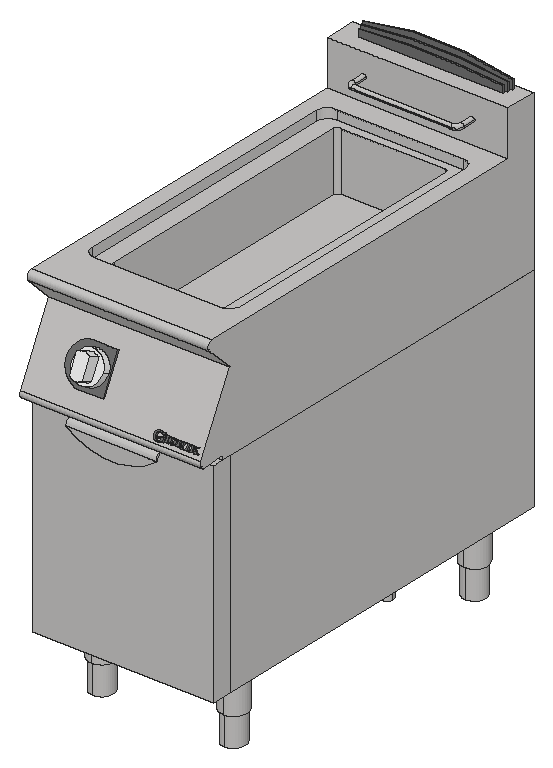
Revit family "QF_GIORIK_FG9117MT", category Specialty Equipment, Revit 2014
Parameters (values of type "FG9117MT")
  Weight in Pounds = 171.9604
  Watts = 100 W
  Volts = 230 V
  URL Cutsheet = "www.giorik.com"
  URL = "www.giorik.com"
  Status [instance] = ""
  Specification by User [instance] = ""
  Specification by Manufacturer = ""
  Show Logo [instance] = yes
  Show Clearance [instance] = yes
  Serial Number = ""
  Seismic Rating = ""
  SMACNA No = ""
  Revision Code [instance] = ""
  Phase = 1
  Number of Poles [instance] = 1
  NAFEM Spec ID Number = ""
  Model = "FG9117MT"
  Min Ckt Ampacity = 0 A
  Mechanical Remarks [instance] = "Natural Gas"
  Mechanical Connection Type [instance] = ""
  Max Overcurrent Protection = 0 A
  Masterspec = ""
  Manufacturer = "GIORIK"
  Item Number [instance] = ""
  Installed By [instance] = ""
  Identify Quantity as Lot [instance] = no
  HP = "0.134102000000"
  Gas Size = 1"
  Gas RI Height [instance] = 0 mm
  Gas KW = 16.5
  Gas Input = 16500 W
  Gas Connection Height [instance] = 150 mm
  Furnished By [instance] = ""
  Foodservice Equipment Identifier [instance] = yes
  FL Amps = 0 A
  Electrical Remarks [instance] = ""
  Electric Connection Type [instance] = ""
  Elec Conn RI Height [instance] = 0 mm
  Elec Conn Connection Height [instance] = 150 mm
  Description = "17 LITRE MELTING GAS FRYER."
  Cycle = 50 Hz
  Conn Plug = ""
  Conn Conduit [instance] = no
  CSI MasterFormat = ""
  Assembly Code = "E1090320"
  Apparent Power = 100 VA
Reference planes
  plane 1 "Back": y = 0
  plane 2: z = 0
  plane 3 "Left": x = 0
  plane 4 "Right": x = 400
  plane 5 "Front": y = -920
  plane 6 "Top": z = 900
Forms (mm)
  Extrusion 1, solid, visible <- "Show Logo"
    sketch origin (196.604, -935.76, 608.978) x (-1, 0, 0) y (0, 0.452718, 0.891654)
      loop
        line (-118.824, 58.358) -> (-127.804, 58.358) -> (-125.523, 56.445) -> (-125.523, 48.027) -> (-127.804, 46.113) -> (-118.824, 46.113) -> (-121.105, 48.027) -> (-121.105, 56.445) -> (-118.824, 58.358)
      loop
        line (-163.721, 58.358) -> (-172.7, 58.358) -> (-170.42, 56.445) -> (-170.42, 48.027) -> (-172.7, 46.113) -> (-163.721, 46.113) -> (-166.001, 48.027) -> (-166.001, 56.445) -> (-163.721, 58.358)
      loop
        line (-174.332, 58.358) -> (-183.312, 58.358) -> (-181.031, 56.445) -> (-181.031, 52.435) -> (-186.419, 56.955) -> (-184.416, 58.358) -> (-191.268, 58.358) -> (-188.01, 56.839) -> (-185.455, 54.283) -> (-190.846, 47.858) -> (-193.396, 46.93) -> (-193.396, 46.113) -> (-184.416, 46.113) -> (-185.437, 47.571) -> (-182.443, 51.552) -> (-181.031, 50.894) -> (-181.031, 48.027) -> (-183.312, 46.113) -> (-174.332, 46.113) -> (-176.613, 48.027) -> (-176.613, 56.445) -> (-174.332, 58.358)
      loop
        line (-115.429, 62.063) -> (-115.429, 54.198)
        arc (-115.429, 54.198) -> (-111.618, 57.803) -> (-106.847, 59.986) r 16.039
        arc (-106.847, 59.986) -> (-103.314, 59.837) -> (-100.512, 57.68) r 5.851
        arc (-100.512, 57.68) -> (-98.815, 52.267) -> (-100.512, 46.853) r 9.479
        arc (-100.512, 46.853) -> (-102.406, 44.986) -> (-104.846, 43.93) r 7.236
        arc (-104.846, 43.93) -> (-107.728, 44.111) -> (-110.052, 45.825) r 5.11
        line (-110.052, 45.825) -> (-110.052, 52.001) -> (-116.141, 52.001) -> (-116.141, 45.503) -> (-117.893, 43.751) -> (-114.094, 44.769)
        arc (-114.094, 44.769) -> (-112.56, 44.947) -> (-111.129, 44.366) r 3.115
        arc (-111.129, 44.366) -> (-104.216, 42.091) -> (-97.303, 44.366) r 11.641
        arc (-97.303, 44.366) -> (-93.396, 52.107) -> (-97.303, 59.849) r 9.622
        arc (-97.303, 59.849) -> (-104.369, 62.174) -> (-111.435, 59.849) r 11.898
        line (-111.435, 59.849) -> (-115.429, 62.063)
      loop
        arc (-129.234, 56.068) -> (-135.893, 58.628) -> (-142.552, 56.068) r 9.941
        arc (-142.552, 56.068) -> (-144.234, 52.286) -> (-142.552, 48.505) r 5.093
        arc (-142.552, 48.505) -> (-135.893, 45.945) -> (-129.234, 48.505) r 9.941
        arc (-129.234, 48.505) -> (-127.552, 52.286) -> (-129.234, 56.068) r 5.093
      loop
        arc (-132.628, 54.403) -> (-135.893, 57.668) -> (-139.158, 54.403) r 3.265
        line (-139.158, 54.403) -> (-139.158, 50.169)
        arc (-139.158, 50.169) -> (-135.893, 46.904) -> (-132.628, 50.169) r 3.265
        line (-132.628, 50.169) -> (-132.628, 54.403)
      loop
        arc (-156.363, 58.365) -> (-159.647, 55.081) -> (-156.363, 51.796) r 3.285
        line (-156.363, 51.796) -> (-159.529, 47.306) -> (-162.087, 46.113) -> (-155.847, 46.113) -> (-153.529, 51.083) -> (-150.637, 51.083) -> (-150.637, 47.784) -> (-153.022, 46.113) -> (-144.011, 46.113) -> (-146.094, 47.68) -> (-146.094, 56.493) -> (-144.229, 58.365) -> (-156.363, 58.365)
      loop
        line (-150.637, 57.512) -> (-153.637, 57.512)
        arc (-153.637, 57.512) -> (-156.237, 54.912) -> (-153.637, 52.312) r 2.6
        line (-153.637, 52.312) -> (-150.637, 52.312) -> (-150.637, 57.512)
      loop
        line (-108.924, 52.001) -> (-104.936, 49.005) -> (-100.948, 52.001) -> (-108.924, 52.001)
    from 1.5 to -0.5
  Extrusion 2, solid
    sketch origin (-16, 1025.81, 0) x (1, 0, 0) y (0, 1, 0)
      loop
        line (25, -1086.81) -> (25, -1156.81) -> (115, -1156.81) -> (115, -1086.81) -> (25, -1086.81)
    from 148 to 150
  Extrusion 3, solid
    sketch origin (-14, 0, 130) x (1, 0, 0) y (0, 1, 0)
      loop
        circle (54, -385) r 12.5
    from 0 to 20
  Extrusion 4, solid
    sketch origin (0, 800, -20) x (0, 1, 0) y (0, 0, 1)
      loop
        line (-800, 989.988) -> (-870, 989.988) -> (-870, 889.988) -> (-1688.669, 889.988)
        arc (-1688.669, 889.988) -> (-1699.014, 883.075) -> (-1696.586, 870.873) r 11.197
        line (-1696.586, 870.873) -> (-1640.738, 815.025) -> (-1718.81, 661.258)
        arc (-1718.81, 661.258) -> (-1718.095, 650.105) -> (-1707.98, 645.354) r 10.981
        line (-1707.98, 645.354) -> (-1659.862, 649.925) -> (-1659.862, 640) -> (-800, 640) -> (-800, 989.988)
    from 0 to 400
  Extrusion 5, solid
    sketch origin (0, -200, 599.536) x (1, 0, 0) y (0, 1, 0)
      loop
        line (0, -640) -> (40, -640) -> (40, 160) -> (360, 160) -> (360, -640) -> (400, -640) -> (400, 200) -> (0, 200) -> (0, -640)
    from -449.536 to 20.464
  Extrusion 6, solid
    sketch origin (0, -200, 0) x (1, 0, 0) y (0, 1, 0)
      loop
        line (40, 160) -> (40, -640) -> (360, -640) -> (360, 160) -> (40, 160)
    from 150 to 190
  Extrusion 7, solid
    sketch origin (-16, 360.81, 0) x (1, 0, 0) y (0, 1, 0)
      loop
        line (25, -1086.81) -> (25, -1156.81) -> (115, -1156.81) -> (115, -1086.81) -> (25, -1086.81)
    from 148 to 150
  Revolve 8, solid
    sketch origin (54, 360.81, 0) x (0, 1, 0) y (0, 0, 1)
      loop
        line (-1092.56, 66) -> (-1092.56, 148) -> (-1121.81, 148) -> (-1121.81, 0) -> (-1096.81, 0) -> (-1096.81, 66) -> (-1092.56, 66)
      axis (-1121.81, 0) -> (-1121.81, 148)
    angle from 0 to 360
  Revolve 9, solid
    sketch origin (54, 1025.81, 0) x (0, 1, 0) y (0, 0, 1)
      loop
        line (-1092.56, 66) -> (-1092.56, 148) -> (-1121.81, 148) -> (-1121.81, 0) -> (-1096.81, 0) -> (-1096.81, 66) -> (-1092.56, 66)
      axis (-1121.81, 0) -> (-1121.81, 148)
    angle from 0 to 360
  Extrusion 10, solid
    sketch origin (416, 360.81, 0) x (-1, 0, 0) y (0, -1, 0)
      loop
        line (25, 1086.81) -> (115, 1086.81) -> (115, 1156.81) -> (25, 1156.81) -> (25, 1086.81)
    from 148 to 150
  Revolve 11, solid
    sketch origin (346, 360.81, 0) x (0, 1, 0) y (0, 0, -1)
      loop
        line (-1092.56, -66) -> (-1096.81, -66) -> (-1096.81, 0) -> (-1121.81, 0) -> (-1121.81, -148) -> (-1092.56, -148) -> (-1092.56, -66)
      axis (-1121.81, 0) -> (-1121.81, -148)
    angle from 0 to 360
  Extrusion 12, solid
    sketch origin (416, -1217.81, 0) x (-1, 0, 0) y (0, -1, 0)
      loop
        line (25, -1086.81) -> (25, -1156.81) -> (115, -1156.81) -> (115, -1086.81) -> (25, -1086.81)
    from 148 to 150
  Revolve 13, solid
    sketch origin (346, -1217.81, 0) x (0, -1, 0) y (0, 0, 1)
      loop
        line (-1092.56, 66) -> (-1092.56, 148) -> (-1121.81, 148) -> (-1121.81, 0) -> (-1096.81, 0) -> (-1096.81, 66) -> (-1092.56, 66)
      axis (-1121.81, 0) -> (-1121.81, 148)
    angle from 0 to 360
  Extrusion 14, solid
    sketch origin (-293.221, -1163.345, 52.363) x (1, 0, 0) y (0, 0.452718, 0.891654)
      loop
        line (463.221, 676.25) -> (463.221, 766.25) -> (409.698, 766.25)
        arc (409.698, 766.25) -> (364.698, 721.25) -> (409.698, 676.25) r 45
        line (409.698, 676.25) -> (463.221, 676.25)
    from 48 to 50
  Extrusion 15, solid
    sketch origin (481.331, -1208.697, 74.959) x (-1, 0, 0) y (0, -0.45351, -0.891251)
      loop
        circle (351.331, -721.346) r 35
    from 0 to 15
  Extrusion 16, solid
    sketch origin (481.331, -1208.697, 74.959) x (-1, 0, 0) y (0, -0.45351, -0.891251)
      loop
        arc (336.331, -743.846) -> (351.331, -748.846) -> (366.331, -743.846) r 25
        line (366.331, -743.846) -> (366.331, -698.846)
        arc (366.331, -698.846) -> (351.331, -693.846) -> (336.331, -698.846) r 25
        line (336.331, -698.846) -> (336.331, -743.846)
    from 15 to 40
  Extrusion 17, solid
    sketch origin (-94, 0, 59.999) x (1, 0, 0) y (0, 0, 1)
      loop
        line (135, 909.989) -> (453, 909.989) -> (453, 925.527) -> (347.056, 931.749) -> (240.944, 931.749) -> (135, 925.527) -> (135, 909.989)
    from 32 to 35
  Extrusion 18, solid
    sketch origin (-92, 10, 59.999) x (1, 0, 0) y (0, 0, 1)
      loop
        line (454, 909.989) -> (454, 928.527) -> (346.162, 939.193) -> (237.838, 939.193) -> (130, 928.527) -> (130, 909.989) -> (454, 909.989)
    from 32 to 35
  Extrusion 19, solid
    sketch origin (-90, 20, 59.999) x (1, 0, 0) y (0, 0, 1)
      loop
        line (455, 909.989) -> (455, 930.527) -> (345.396, 947.413) -> (234.604, 947.413) -> (125, 930.527) -> (125, 909.989) -> (455, 909.989)
    from 32 to 35
  Extrusion 20, void
    sketch origin (0, -200, 819.988) x (0, 1, 0) y (-1, 0, 0)
      loop
        arc (80, -60) -> (72.678, -42.322) -> (55, -35) r 25
        line (55, -35) -> (-565.002, -35)
        arc (-565.002, -35) -> (-582.68, -42.322) -> (-590.002, -60) r 25
        line (-590.002, -60) -> (-590.002, -340)
        arc (-590.002, -340) -> (-582.68, -357.678) -> (-565.002, -365) r 25
        line (-565.002, -365) -> (55, -365)
        arc (55, -365) -> (72.678, -357.678) -> (80, -340) r 25
        line (80, -340) -> (80, -60)
    from -100 to 50
  Extrusion 21, solid
    sketch origin (0, -200, 900) x (0, 1, 0) y (-1, 0, 0)
      loop
        arc (80, -60) -> (72.678, -42.322) -> (55, -35) r 25
        line (55, -35) -> (-565.002, -35)
        arc (-565.002, -35) -> (-582.68, -42.322) -> (-590.002, -60) r 25
        line (-590.002, -60) -> (-590.002, -340)
        arc (-590.002, -340) -> (-582.68, -357.678) -> (-565.002, -365) r 25
        line (-565.002, -365) -> (55, -365)
        arc (55, -365) -> (72.678, -357.678) -> (80, -340) r 25
        line (80, -340) -> (80, -60)
      loop
        arc (60, -85.011) -> (57.071, -77.94) -> (50, -75.011) r 10
        line (50, -75.011) -> (-555.002, -75.011)
        arc (-555.002, -75.011) -> (-562.073, -77.94) -> (-565.002, -85.011) r 10
        line (-565.002, -85.011) -> (-565.002, -315)
        arc (-565.002, -315) -> (-562.073, -322.071) -> (-555.002, -325) r 10
        line (-555.002, -325) -> (50, -325)
        arc (50, -325) -> (57.071, -322.071) -> (60, -315) r 10
        line (60, -315) -> (60, -85.011)
    from -180.012 to -50
  Extrusion 22, solid
    sketch origin (0, -925, 0) x (1, 0, 0) y (0, 0, 1)
      loop
        line (0, 620) -> (0, 150) -> (400, 150) -> (400, 620) -> (0, 620)
    from -85 to -40
  Extrusion 23, solid
    sketch origin (0, -925, -20.1) x (0, 1, 0) y (0, 0, 1)
      loop
        arc (25, 640.1) -> (14.393, 635.707) -> (10, 625.1) r 15
        line (10, 625.1) -> (12, 625.1)
        arc (12, 625.1) -> (15.808, 634.292) -> (25, 638.1) r 13
        line (25, 638.1) -> (40, 638.1) -> (40, 640.1) -> (25, 640.1)
    from 97.5 to 297.5
  Extrusion 24, solid
    sketch origin (0, -924.905, -20.1) x (1, 0, 0) y (0, 0, 1)
      loop
        arc (97.5, 625.1) -> (197.5, 590.089) -> (297.5, 625.1) r 160.316
        line (297.5, 625.1) -> (97.5, 625.1)
    from -11.905 to -9.905
  Extrusion 25, solid, visible <- "Show Clearance", detail levels coarse
    sketch origin (395, -925, 0) x (-1, 0, 0) y (0, -1, 0)
      loop
        line (-5, -40) -> (395, -40)
        arc (395, -40) -> (277.534, 241.069) -> (-5, 354.968) r 395
        line (-5, 354.968) -> (-5, -40)
    from 150 to 620
  Extrusion 26, solid
    sketch origin (0, 0, 100) x (0, 1, 0) y (-1, 0, 0)
      loop
        circle (-380, -380) r 12.5
    from 30 to 50
  Sweep 27, solid
    path origin (0, 0, 919.988) x (0, 1, 0) y (-1, 0, 0)
      loop
        line (-70, -80) -> (-100, -80)
        arc (-100, -80) -> (-107.071, -82.929) -> (-110, -90) r 10
        line (-110, -90) -> (-110, -310)
        arc (-110, -310) -> (-107.071, -317.071) -> (-100, -320) r 10
        line (-100, -320) -> (-70, -320)
    profile origin (80, -85, 919.988) x (1, 0, 0) y (0, 0, 1)
      loop
        circle (0, 0) r 5
Cuts and joins
  Extrusion 20 cuts Extrusion 4
Lines and regions (mm)
  symbolic lines, style "200-EquipBorder-2D"
    curve 1: line (0, -920, 0) -> (400, -920, 0)
    curve 2: line (400, -920, 0) -> (400, 0, 0)
    curve 3: line (400, 0, 0) -> (0, 0, 0)
    curve 4: line (0, 0, 0) -> (0, -920, 0)
    curve 46: line (115, -927.413, 900) -> (115, -920, 900)
    curve 47: line (145, -927.413, 900) -> (145, -920, 900)
    curve 48: arc (145, -927.413, 900) -> (130, -929.69, 900) -> (115, -927.413, 900) r 50.555
  symbolic lines, style "200-EquipInternal-2D"
    curve 5: line (35, -12, 900) -> (365, -12, 900)
    curve 6: line (365, -12, 900) -> (365, -15, 900)
    curve 7: line (365, -15, 900) -> (35, -15, 900)
    curve 8: line (35, -15, 900) -> (35, -12, 900)
    curve 9: line (38, -22, 900) -> (362, -22, 900)
    curve 10: line (362, -22, 900) -> (362, -25, 900)
    curve 11: line (362, -25, 900) -> (38, -25, 900)
    curve 12: line (38, -25, 900) -> (38, -22, 900)
    curve 13: line (41, -32, 900) -> (359, -32, 900)
    curve 14: line (359, -32, 900) -> (359, -35, 900)
    curve 15: line (359, -35, 900) -> (41, -35, 900)
    curve 16: line (41, -35, 900) -> (41, -32, 900)
    curve 17: line (340, -120, 900) -> (60, -120, 900)
    curve 18: arc (60, -120, 900) -> (42.322, -127.322, 900) -> (35, -145, 900) r 25
    curve 19: line (35, -145, 900) -> (35, -765, 900)
    curve 20: arc (365, -145, 900) -> (357.678, -127.322, 900) -> (340, -120, 900) r 25
    curve 21: arc (340, -790, 900) -> (356.212, -784.031, 900) -> (364.682, -768.975, 900) r 25
    curve 22: line (60, -790, 900) -> (340, -790, 900)
    curve 23: arc (35, -765, 900) -> (42.322, -782.678, 900) -> (60, -790, 900) r 25
    curve 24: line (365, -765.002, 900) -> (365, -145, 900)
    curve 27: line (85, -140, 900) -> (315, -140, 900)
    curve 28: line (325, -150, 900) -> (325, -755.002, 900)
    curve 29: line (75, -755.002, 900) -> (75, -150, 900)
    curve 30: line (315, -765.002, 900) -> (85, -765.002, 900)
    curve 31: arc (85, -140, 900) -> (77.929, -142.929, 900) -> (75, -150, 900) r 10
    curve 32: arc (315, -140, 900) -> (322.071, -142.929, 900) -> (325, -150, 900) r 10
    curve 33: arc (75, -755.002, 900) -> (77.929, -762.073, 900) -> (85, -765.002, 900) r 10
    curve 34: arc (315, -765.002, 900) -> (322.071, -762.073, 900) -> (325, -755.002, 900) r 10
    curve 35: line (80, -70, 900) -> (80, -99.667, 900)
    curve 36: line (90, -100, 900) -> (90, -70, 900)
    curve 37: line (94.989, -104.989, 900) -> (315.27, -104.989, 900)
    curve 38: line (320.032, -100.227, 900) -> (320.032, -70, 900)
    curve 39: line (330.032, -70, 900) -> (330.032, -100.301, 900)
    curve 40: line (315.333, -115, 900) -> (95.333, -115, 900)
    curve 41: arc (95.333, -115, 900) -> (84.491, -110.509, 900) -> (80, -99.667, 900) r 15.333
    curve 42: arc (90, -100, 900) -> (91.461, -103.528, 900) -> (94.989, -104.989, 900) r 4.989
    curve 43: arc (315.333, -115, 900) -> (325.727, -110.695, 900) -> (330.032, -100.301, 900) r 14.699
    curve 44: arc (320.032, -100.227, 900) -> (318.637, -103.594, 900) -> (315.27, -104.989, 900) r 4.762
    curve 45: line (0, -70, 900) -> (400, -70, 900)
  symbolic lines, style "QF_Door-Drawer Clearances", visible <- "Show Clearance", detail levels coarse
    curve 25: arc (400, -1279.968, 0) -> (130.204, -1178.101, 0) -> (1.554, -920, 0) r 395
    curve 26: line (400, -920, 0) -> (400, -1279.968, 0)
Dimensions and locks
  plane 3 "Left" to plane 4 "Right" = 400 mm
  plane 5 "Front" to plane 1 "Back" = 920 mm
  plane 4 "Right" to plane 3 "Left" = 400 mm
  plane 1 "Back" to plane 5 "Front" = 920 mm
  plane 6 "Top" to level = 900 mm  (x2)
  aligned and locked: level to plane 2
Connectors
  electrical at (380, -380, 130), driven by "Apparent Power", driven by "Volts", driven by "Number of Poles"
    settings: on Extrusion 26, index 1, voltage 230 V, apparent load 0 VA, apparent load phase1 100 VA, apparent load phase2 0 VA, apparent load phase3 0 VA, power factor 1, load classification "Other", number of poles 1, system type 31, power factor state 1, is connector primary yes, connector utility no, sub classification motor no, connector description "Electrical connection"
  piping at (40, -385, 130), diameter 25.4, driven by "Gas Size"
    settings: on Extrusion 3, index 2, connector inside diameter 24", connector length 0 mm, flow factor 0, pipe flow 0.0 L/s, pressure drop 0.0 Pa, fitting loss kfactor 0, connector angle 0.00°, fixture units 0, engagement length 0 mm, angle of deflection 0.00°, flow configuration 1, flow direction 1, fitting loss method 0, system type 22, joint type 0, gender type 0, connector reference index -1, connector utility 0, adjustable connector no, is connector primary yes, connector description "Gas inlet"
